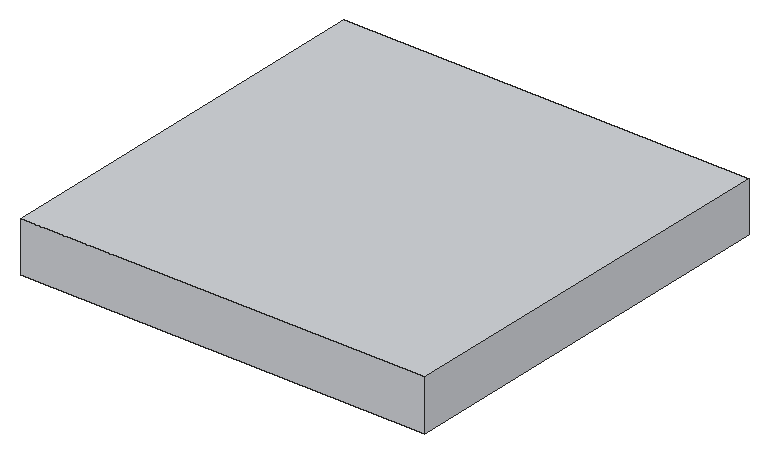
Revit family "05-E107-34-CL", category Luminarias, Revit 2017
Family settings
  Anfitrión = Cara
  Cota de conector redondo = Diámetro de uso
  Tipo de pieza = Normal
  Número OmniClass = 23.80.70.00
  Título OmniClass = Lighting
  Corte con vacíos al cargar = No
  Origen de luz = No
  Compartido = Sí
  Punto de cálculo de habitación = No
Parameters (values of type "05-E107-34-CL")
  Versión = "v1"
  Vatios (W) = 35.8
  Tipo de regulación = "Dali"
  Tipo = "Proyector"
  Tender text (English) = "LEDS C4\nBlade Flood Light Big\n05-E107-34-CL\n\nLED Spotlight for indoor and outdoor use. \n\nFor uplighting.. Suitable for installation in marine environments. Cable meters included: 1.5. Adjustable light source. Structure material: Aluminium. Structure finish: Grey. Diffuser material: Glass. Diffuser finish: Transparent. UV protection. Warranty: 5 Years.\n\nProduct net weight (Kg): 2.540\nProduct length (mm): 314\nProduct width or diameter (mm): 220\nProduct height (mm): 46\n\nClass 1. IP: IP65. LED. No. of lampholders or LEDs: 1. LED brand: CREE. Driver brand: LIFUD. Maximum power of light source: 31.7W. Colour temperature: LED warm-white 3000K. Colour rendering index: 80. MacAdam Steps: 3. Maximum diameter of luminaire bulb: 50.000h L80B20. Photobiological risk: RG1. Real flux (lm): 2764. Lm/Real W: 77. Voltage and frequency range: 90-305/50-60Hz. Voltage: 36. Gear included: Yes, electronic. Total power: 35.8. Power factor: 0.95. Dimmable gear included: Dali."
  Tender text (Castellano) = "LEDS C4\nBlade Flood Light Big\n05-E107-34-CL\n\nProyector LED de uso interior y exterior para iluminar hacia arriba. \nApto para instalar en ambientes con atmósfera marina. Metros cable incluido: 1.5. Fuente de luz orientable. Material estructura: Aluminio. Acabado estructura: Gris. Material difusor: Cristal. Acabado difusor: Transparente. Protección contra los rayos ultravioleta. Garantía: 5 Años.\n\nPeso neto del producto (Kg): 2.540\nLongitud del producto (mm): 314\nAnchura o diámetro del producto (mm): 220\nAltura del producto (mm): 46\n\nClase 1. IP: IP65. LED. Nº de portalámparas o Leds: 1. Marca del LED: CREE. Marca del Driver: LIFUD. Potencia máxima de la fuente de luz: 31.7W. Temperatura de color: Blanco cálido - 3000K. Índice de reproducción cromática: 80. Steps Mac Adam: 3. Diámetro máximo de la bombilla que admite la luminaria: 50.000h L80B20. Riesgo fotobiológico: RG1. Flujo real (lm): 2764. Lm/W reales: 77. Rango de voltaje/frecuencia: 90-305/50-60Hz. Voltaje: 36. Equipo incluido: Si, electrónico. Potencia total: 35.8. Factor de potencia: 0.95. Equipo regulable incluido: Dali."
  Temperatura color led (K) = "Blanco cálido - 3000K"
  Referencia = "05-E107-34-CL"
  Rayo de luz = "Check Photometric file"
  Producto descatalogado = "Catalogado ES"
  Pluma comercial = ""
  Peso neto (KG) = 2.54
  Material = "Aluminio, Cristal"
  Lumenes reales (lm) = 2764
  LDT = "http://files.leds-c4.com/ldt/05-E107-34-CL.html"
  Imagen web = "http://files.leds-c4.com/main-photo/05-E107-34-CL"
  IfcExportType = "NOTDEFINED"
  IfcExportAs = "IfcLightFixture\r\nIfcLightFixture"
  IP = "IP65"
  IMC = "http://files.leds-c4.com/imc/05-E107-34-CL.html"
  IK = ""
  Fuente de luz = ""
  Fotometría = "http://files.leds-c4.com/fm/05-E107-34-CL.html"
  Ficha = "http://files.leds-c4.com/ft/es/05-E107-34-CL.html"
  FechaVersion = "Julio 2020"
  Familia = "Blade Flood Light Big"
  Fabricante = "LEDS C4"
  Etiqueta V/f = "100-277V/50-60Hz"
  Elevación por defecto = 1000 mm
  Eficiencia energética = "LED A++"
  EAN13 = "8435575324299"
  DescripcionUniformat2010 = "Lighting"
  DescripcionUniclass2015 = "Lighting"
  DescripcionOmniclass = "Lighting"
  DescripcionGubimclass = "Iluminación interior"
  CodigoUniformat2010 = "D5040"
  CodigoUniclass2015 = "EF_70_80"
  CodigoOmniclass = "21-04 50 40"
  CodigoGubimclass = "50.60.50.20"
  Catálogo = "Outdoor"
  Carga aparente = 0 VA
  CRI = 80
  Acabado = "Gris, Transparente"
Types (2, lengths in mm): name | Lumenes reales (lm) | CRI
  (no name) | 0 | 0
  05-E107-34-CL | 2764 | 80
Values of the unnamed type that differ from the named types
  Vatios (W) = 0
  Tipo de regulación = ""
  Tipo = ""
  Tender text (English) = ""
  Tender text (Castellano) = ""
  Temperatura color led (K) = ""
  Referencia = ""
  Rayo de luz = ""
  Producto descatalogado = ""
  Peso neto (KG) = 0
  Material = ""
  LDT = ""
  Imagen web = ""
  IP = ""
  IMC = ""
  Fotometría = ""
  Ficha = ""
  Familia = ""
  Etiqueta V/f = ""
  Eficiencia energética = ""
  EAN13 = ""
  Catálogo = ""
  Acabado = ""
Reference planes
  plane 1 "Centro (Frontal/Posterior)": y = 0
  plane 2: z = 0
  plane 3 "Centro (Izquierda/Derecha)": x = 0
  plane 4 "Elevación de origen de luz": z = 0
  plane 5 "Eje de origen de luz (F/P)": y = 0
  plane 6 "Eje de origen de luz (I/D)": x = 0
Forms (mm)
  Extrusion 1, solid
    sketch origin (0, 0, 0) x (1, 0, 0) y (0, 1, 0)
      loop
        line (-1219.2, 1219.2) -> (-1219.2, -1219.2) -> (1219.2, -1219.2) -> (1219.2, 1219.2) -> (-1219.2, 1219.2)
    from 0 to -304.8
Dimensions and locks
  aligned and locked: plane 2 to Extrusion 1
  aligned and locked: level to Extrusion 1
Nested families
  nested 1: "Luz anidada" at (26.015, 0, 163.478), type "Tipo1"
Connectors
  electrical at (0, 0, 0)
    settings: on Extrusion 1, index 1, voltage 0 V, apparent load 0 VA, apparent load phase1 0 VA, apparent load phase2 0 VA, apparent load phase3 0 VA, power factor 1, load classification "Otro", number of poles 1, system type 31, power factor state 1, is connector primary yes, connector utility no, sub classification motor no, connector description ""
Definition of nested family "Luz anidada"
  Parameters (values of type "Tipo1")
    Tilt Angle = 0.00°
    Wattage = 35.8 W
    Tipo de regulación = ""
    Tipo = ""
    Tender text = ""
    built-in parameter 1150110 = 1 (stored number, unit not read)
    Pluma comercial = ""
    Material = ""
    Imagen = ""
    IP = ""
    IMC = ""
    IK = ""
    Fotometría = ""
    Ficha = ""
    Familia = ""
    Estado en catálogo = ""
    Peso neto = ""
    Lamp = ""
    built-in parameter 1114217 = 1 (stored number, unit not read)
    built-in parameter 1150109 = 1 (stored number, unit not read)
    Etiqueta vf = ""
    Eficiencia energética = ""
    EAN13 = ""
    built-in parameter 1150134 = (empty or 0)
    built-in parameter 1150113 = 1 (stored number, unit not read)
    Lumens = 2391 lm
    built-in parameter 1150115 = 1 (stored number, unit not read)
    built-in parameter 1150105 = 109.82 (stored number, unit not read)
    built-in parameter 1150137 = (empty or 0)
    built-in parameter 1150139 = (empty or 0)
    built-in parameter 1150112 = 1 (stored number, unit not read)
    built-in parameter 1150114 = 1 (stored number, unit not read)
    built-in parameter 1150132 = (empty or 0)
    built-in parameter 1150102 = (empty or 0)
    built-in parameter 1150138 = (empty or 0)
    built-in parameter 1150107 = 3000 (stored number, unit not read)
    built-in parameter 1150106 = 1.0982 (stored number, unit not read)
    built-in parameter 1150104 = 7.1727 (stored number, unit not read)
    Catálogo = ""
    Dimming Lamp Color Temperature Shift = (empty or 0)
    Color Filter = 16777215
    built-in parameter 1114218 = 1 (stored number, unit not read)
    CRI = 0
    Photometric Web File = "05-E107-34-CL.ies"
    Acabado = ""
    built-in parameter 1150133 = 10 (stored number, unit not read)
  Types (2, lengths in mm): name | Tilt Angle
    (no name) | 44.6562°
    Tipo1 | 0.00°
  Values of the unnamed type that differ from the named types
    Wattage = 6.4 W
    built-in parameter 1150104 = 4.6452 (stored number, unit not read)
  Reference planes
    plane 1 "Eje de origen de luz (F/P)": y = 0
    plane 2: z = 0
    plane 3 "Eje de origen de luz (I/D)": x = 0
    plane 4 "Elevación de origen de luz": z = 0
  Dimensions and locks
    aligned and locked: plane 3 "Eje de origen de luz (I/D)" to imposter light
    aligned and locked: plane 1 "Eje de origen de luz (F/P)" to imposter light
    aligned and locked: plane 4 "Elevación de origen de luz" to imposter light
    aligned and locked: level to plane 2
